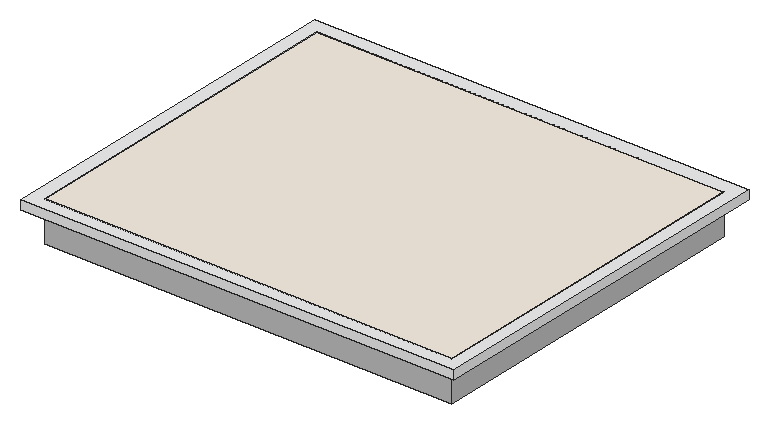
Revit family "Lighting-Industriale-GEWISS-ELIA-HL-LED_RIFLETTORE", category Apparecchi per illuminazione, host Superficie, Revit 2019 (continued)
Types (12, lengths in mm): name | Tensione | Scheda Tecnica | Potenza di sistema | Peso (kg): | Peso (kg) | Ottica | built-in parameter 1150142 | Lumen output (lm) | Modello | IDT | File diagramma fotometrico | Description
    1 6752.23 6528.04 6308.03 6094.97 5890.28 \r\n5689.76 5490.63 5294.28 5106.30 4919.70 4737.28 4560.44 \r\n4386.38 4217.88 4059.14 3908.75 3766.71 3630.25 3497.96 \r\n3369.85 3247.31 3130.34 3016.16 2904.76 2799.20 2696.16 \r\n2596.59 2499.68 2404.57 2311.69 2220.76 2132.47 2046.98 \r\n1964.96 1886.98 1812.34 1740.63 1671.42 1603.46 1538.99 \r\n1479.95 1424.67 1372.03 1321.20 1270.52 1221.50 1175.27 \r\n1131.13 1088.66 1047.44 1006.64 966.95 928.10 891.76 \r\n858.89 829.37 805.14 781.19 751.11 720.20 692.21 664.92 \r\n637.07 610.19 587.22 565.49 543.08 521.21 500.46 480.27 \r\n459.25 438.78 418.86 401.60 390.04 379.87 366.37 352.16 \r\n339.49 325.01 304.68 282.96 264.21 245.68 226.07 205.73 \r\n184.49 162.56 139.60 117.04 96.24 77.13 60.07 45.09 32.29 \r\n21.87 14.20 8.89 5.63 4.53 \r\n20514.31 20511.53 20504.56 20492.03 20475.32 20453.04 \r\n20427.98 20401.52 20368.10 20329.11 20288.73 20239.99 \r\n20188.47 20131.37 20072.89 20010.23 19944.78 19876.55 \r\n19806.92 19733.12 19657.92 19578.55 19496.39 19408.67 \r\n19316.76 19222.07 19123.20 19021.55 18914.33 18800.14 \r\n18681.78 18563.42 18438.09 18309.98 18177.70 18041.23 \r\n17903.37 17764.12 17620.70 17475.88 17329.66 17177.88 \r\n17021.92 16859.00 16689.11 16509.48 16322.89 16126.54 \r\n15920.45 15707.40 15487.39 15263.19 15033.43 14793.92 \r\n14544.66 14281.48 14002.98 13706.38 13397.24 13075.58 \r\n12745.55 12409.96 12067.41 11716.50 11368.37 11038.35 \r\n10719.47 10415.90 10123.48 9835.23 9551.16 9265.69 \r\n8983.02 8705.91 8435.76 8175.37 7924.72 7678.24 7438.74 \r\n7204.80 6975.03 6748.06 6525.26 6308.03 6096.37 5890.28 \r\n5689.76 5489.23 5291.50 5100.73 4912.74 4728.93 4550.69 \r\n4372.45 4202.57 4043.82 3892.04 3750.00 3614.93 3482.64 \r\n3355.93 3233.39 3116.42 3002.23 2892.22 2787.23 2684.88 \r\n2585.32 2488.40 2393.01 2299.99 2209.90 2122.87 2038.34 \r\n1957.02 1879.46 1804.96 1733.52 1664.46 1596.64 1532.17 \r\n1473.54 1418.68 1366.32 1315.77 1265.23 1216.35 1170.26 \r\n1126.25 1083.64 1042.43 1001.76 962.36 923.37 887.02 \r\n855.00 826.31 802.36 778.27 748.05 717.14 690.26 663.94 \r\n635.26 607.69 584.71 563.27 540.85 519.12 498.51 478.32 \r\n457.30 436.69 416.78 399.37 388.79 379.04 364.97 349.94 \r\n337.54 323.62 303.15 281.56 262.85 244.52 225.26 205.27 \r\n184.17 162.27 139.25 116.64 95.93 76.92 59.88 44.91 32.11 \r\n21.72 14.12 8.86 5.63 4.52 \r\n20514.31 20511.53 20503.17 20492.03 20475.32 20453.04 \r\n20427.98 20401.52 20368.10 20330.50 20287.33 20239.99 \r\n20188.47 20131.37 20072.89 20010.23 19944.78 19877.94 \r\n19806.92 19733.12 19659.31 19579.94 19499.18 19411.45 \r\n19319.55 19226.25 19127.38 19025.73 18918.51 18804.32 \r\n18685.96 18564.81 18440.88 18312.77 18179.09 18044.01 \r\n17906.16 17766.91 17623.48 17480.05 17332.45 17180.67 \r\n17023.31 16861.78 16691.90 16515.05 16328.45 16130.72 \r\n15926.02 15711.58 15491.56 15267.37 15036.22 14796.70 \r\n14546.06 14282.87 14002.98 13706.38 13397.24 13078.36 \r\n12746.94 12409.96 12068.80 11716.50 11368.37 11036.96 \r\n10718.07 10413.11 10117.91 9828.26 9544.19 9257.34 \r\n8974.66 8696.16 8424.63 8165.62 7914.97 7669.89 7431.77 \r\n7199.23 6972.25 6745.27 6523.86 6308.03 6097.76 5891.67 \r\n5688.36 5486.45 5290.11 5095.16 4905.78 4720.57 4540.94 \r\n4361.31 4187.25 4027.11 3876.72 3734.68 3599.61 3467.33 \r\n3342.00 3220.85 3102.49 2989.70 2881.08 2775.67 2673.88 \r\n2574.31 2477.12 2381.31 2288.30 2199.18 2113.12 2029.71 \r\n1949.22 1871.94 1797.58 1726.42 1657.63 1589.96 1525.48 \r\n1467.28 1412.69 1360.75 1310.48 1260.07 1211.34 1165.52 \r\n1121.52 1078.91 1037.27 997.17 957.90 918.77 882.29 \r\n851.24 823.52 799.57 775.34 744.85 714.21 688.31 662.97 \r\n633.73 605.46 582.34 561.04 538.76 517.17 496.70 476.51 \r\n455.35 434.60 414.55 397.42 387.53 378.48 363.72 347.99 \r\n336.01 322.36 302.03 280.17 261.62 243.51 224.61 204.92 \r\n183.96 162.11 139.03 116.36 95.72 76.80 59.74 44.74 31.94 \r\n21.58 14.04 8.84 5.62 4.51 \r\n20514.31 20511.53 20503.17 20492.03 20475.32 20453.04 \r\n20430.76 20401.52 20368.10 20330.50 20288.73 20241.38 \r\n20188.47 20132.76 20074.28 20010.23 19944.78 19877.94 \r\n19806.92 19734.51 19659.31 19581.34 19499.18 19414.24 \r\n19322.33 19229.03 19130.17 19028.51 18922.68 18807.10 \r\n18690.14 18567.60 18443.66 18314.16 18180.48 18045.41 \r\n17908.94 17768.30 17626.26 17482.84 17335.23 17183.45 \r\n17026.10 16864.57 16694.68 16517.84 16332.63 16136.29 \r\n15930.20 15715.75 15495.74 15270.15 15039.00 14798.10 \r\n14547.45 14281.48 14001.59 13707.77 13398.64 13078.36 \r\n12748.34 12412.75 12070.19 11717.89 11368.37 11035.56 \r\n10715.29 10408.94 10110.94 9822.69 9537.23 9250.38 \r\n8966.31 8687.81 8414.88 8155.87 7905.22 7662.93 7426.20 \r\n7193.66 6966.68 6742.49 6522.47 6309.42 6097.76 5891.67 \r\n5686.97 5487.84 5287.32 5092.37 4898.82 4715.01 4532.59 \r\n4350.17 4174.72 4011.79 3861.40 3719.37 3584.30 3453.40 \r\n3329.47 3206.93 3089.96 2977.17 2869.94 2764.53 2663.30 \r\n2563.87 2466.40 2370.31 2277.16 2188.87 2103.93 2021.63 \r\n1941.98 1864.84 1790.62 1719.74 1651.37 1583.55 1519.36 \r\n1461.43 1407.40 1355.46 1305.33 1255.20 1206.46 1160.93 \r\n1117.20 1074.31 1032.82 992.57 953.72 914.45 878.11 \r\n847.75 820.74 796.79 772.42 742.06 711.29 686.50 661.99 \r\n632.20 603.09 580.12 558.95 536.95 515.23 495.03 474.70 \r\n453.54 432.93 412.74 395.61 386.56 377.92 362.61 346.18 \r\n334.34 321.25 300.78 279.06 260.59 242.67 224.08 204.68 \r\n183.87 162.06 138.92 116.18 95.60 76.75 59.65 44.59 31.80 \r\n21.46 13.96 8.82 5.62 4.51 \r\n20514.31 20511.53 20503.17 20492.03 20475.32 20454.43 \r\n20430.76 20401.52 20368.10 20331.89 20288.73 20241.38 \r\n20189.86 20132.76 20074.28 20010.23 19946.17 19877.94 \r\n19806.92 19734.51 19659.31 19582.73 19501.96 19415.63 \r\n19325.12 19231.82 19134.34 19032.69 18924.08 18809.89 \r\n18691.53 18570.38 18445.06 18315.55 18183.26 18048.19 \r\n17910.34 17769.69 17627.66 17485.62 17338.02 17186.24 \r\n17028.88 16867.35 16697.47 16520.62 16335.42 16140.47 \r\n15934.38 15718.54 15498.53 15272.94 15041.79 14799.49 \r\n14547.45 14280.09 14000.19 13706.38 13398.64 13078.36 \r\n12746.94 12412.75 12070.19 11717.89 11368.37 11034.17 \r\n10713.90 10406.15 10106.76 9818.52 9531.66 9243.41 \r\n8959.34 8679.45 8407.91 8148.91 7898.26 7655.97 7422.03 \r\n7189.48 6963.89 6741.09 6522.47 6309.42 6099.15 5893.06 \r\n5688.36 5486.45 5285.93 5088.19 4894.64 4708.04 4524.23 \r\n4340.42 4162.18 3999.26 3847.48 3705.44 3571.76 3442.26 \r\n3316.93 3195.79 3077.43 2966.03 2858.80 2754.50 2653.83 \r\n2554.12 2456.51 2360.15 2266.99 2179.40 2095.57 2014.11 \r\n1935.16 1858.43 1784.49 1713.89 1645.52 1577.98 1513.65 \r\n1456.14 1402.39 1350.86 1300.87 1250.74 1202.15 1156.75 \r\n1113.16 1070.28 1028.64 988.54 949.82 910.70 874.35 \r\n844.69 818.37 794.56 769.91 739.42 708.78 684.83 661.02 \r\n630.94 601.14 578.03 557.14 535.14 513.55 493.50 473.31 \r\n452.01 431.12 411.07 394.22 385.58 377.65 361.63 344.50 \r\n332.95 320.14 299.94 278.08 259.76 242.00 223.68 204.56 \r\n183.87 162.10 138.90 116.09 95.57 76.74 59.60 44.46 31.68 \r\n21.35 13.90 8.80 5.62 4.50 \r\n20514.31 20511.53 20504.56 20492.03 20475.32 20454.43 \r\n20430.76 20402.91 20369.49 20331.89 20288.73 20241.38 \r\n20189.86 20132.76 20074.28 20010.23 19946.17 19876.55 \r\n19806.92 19734.51 19660.71 19582.73 19503.35 19417.02 \r\n19327.90 19233.21 19135.74 19034.08 18928.25 18814.07 \r\n18694.31 18571.77 18446.45 18316.95 18183.26 18049.59 \r\n17911.73 17772.48 17629.05 17485.62 17339.41 17186.24 \r\n17030.28 16867.35 16698.86 16523.40 16338.20 16141.86 \r\n15937.16 15721.33 15498.53 15274.33 15041.79 14799.49 \r\n14547.45 14278.70 13997.41 13703.59 13397.24 13078.36 \r\n12748.34 12412.75 12070.19 11717.89 11368.37 11034.17 \r\n10711.11 10403.37 10102.59 9812.95 9527.49 9239.24 \r\n8953.77 8672.49 8400.95 8141.95 7894.08 7651.79 7417.85 \r\n7186.69 6962.50 6739.70 6522.47 6310.81 6100.54 5893.06 \r\n5688.36 5485.06 5287.32 5086.80 4890.46 4702.47 4518.66 \r\n4332.07 4152.44 3988.12 3834.94 3695.69 3562.02 3431.12 \r\n3307.19 3184.65 3067.68 2956.28 2849.06 2745.87 2645.47 \r\n2545.77 2447.88 2351.24 2258.22 2171.33 2088.33 2007.57 \r\n1929.45 1852.86 1779.06 1708.74 1640.78 1573.25 1509.05 \r\n1451.68 1398.21 1346.83 1296.84 1246.98 1198.52 1153.27 \r\n1109.82 1066.79 1025.02 985.19 946.62 907.49 871.29 \r\n842.18 816.42 792.47 767.82 737.05 706.55 683.44 660.46 \r\n629.83 599.47 576.36 555.61 533.75 512.44 491.97 472.06 \r\n450.75 429.73 409.67 392.82 384.89 377.37 360.94 343.39 \r\n331.83 319.44 299.11 277.36 259.13 241.54 223.44 204.53 \r\n183.95 162.24 138.97 116.09 95.58 76.80 59.59 44.39 31.57 \r\n21.25 13.84 8.79 5.62 4.50 \r\n20514.31 20511.53 20505.95 20492.03 20475.32 20455.83 \r\n20430.76 20402.91 20369.49 20330.50 20288.73 20241.38 \r\n20188.47 20132.76 20074.28 20010.23 19946.17 19876.55 \r\n19806.92 19734.51 19659.31 19584.12 19503.35 19417.02 \r\n19327.90 19236.00 19138.52 19035.48 18929.65 18815.46 \r\n18695.70 18573.17 18447.84 18316.95 18183.26 18049.59 \r\n17913.12 17771.09 17629.05 17487.01 17342.20 17189.02 \r\n17030.28 16868.75 16698.86 16523.40 16339.60 16144.65 \r\n15938.56 15721.33 15501.31 15275.73 15041.79 14799.49 \r\n14546.06 14278.70 13994.63 13702.20 13398.64 13075.58 \r\n12746.94 12412.75 12070.19 11716.50 11368.37 11034.17 \r\n10711.11 10401.98 10101.19 9811.56 9524.70 9235.06 \r\n8950.99 8669.70 8396.77 8137.77 7889.91 7647.61 7413.67 \r\n7185.30 6959.72 6739.70 6522.47 6310.81 6101.94 5895.85 \r\n5689.76 5486.45 5285.93 5085.41 4887.68 4698.30 4514.48 \r\n4325.11 4144.08 3979.77 3826.59 3687.34 3553.66 3422.77 \r\n3300.23 3177.68 3060.72 2949.32 2840.70 2739.05 2639.07 \r\n2539.36 2441.05 2344.13 2251.12 2164.78 2082.62 2002.69 \r\n1924.99 1848.68 1774.88 1704.70 1637.02 1569.35 1505.29 \r\n1448.20 1395.01 1343.76 1293.91 1244.06 1195.60 1150.48 \r\n1107.32 1064.15 1022.10 982.55 944.12 905.13 868.92 \r\n840.23 814.89 790.94 766.15 735.24 704.88 682.33 659.77 \r\n628.85 598.22 575.10 554.49 532.77 511.33 491.00 470.94 \r\n449.50 428.61 408.56 391.85 384.33 377.37 360.38 342.28 \r\n331.14 318.88 298.55 276.88 258.75 241.26 223.33 204.59 \r\n184.09 162.42 139.11 116.16 95.66 76.89 59.60 44.34 31.50 \r\n21.19 13.80 8.78 5.62 4.50 \r\n" | "27850" | "GWF1001QH840" | "b15dceee-6ace-433c-b103-edb7b1721c5f" | "GWF1001QH840.IES" | "ELIA HL L2 60° 4000K S.ALONE DALI"
